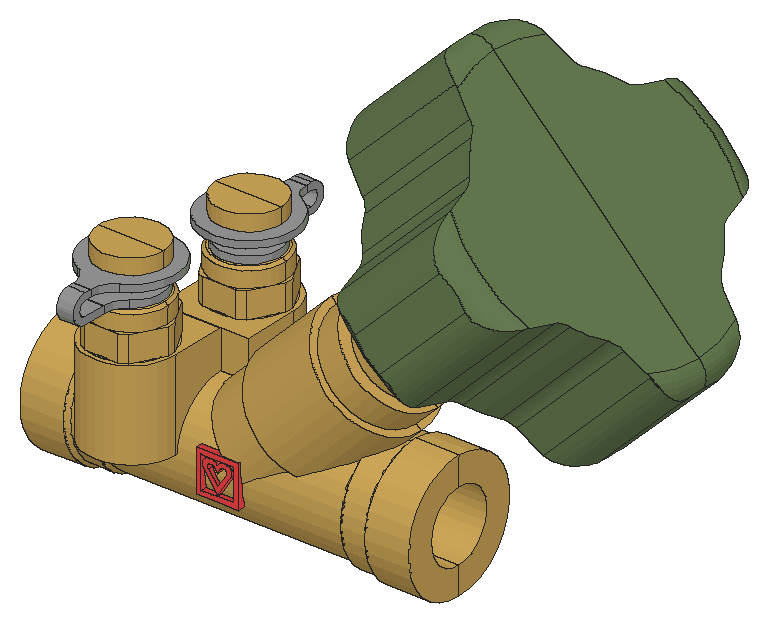
Revit family "Балансировочный клапан с диафрагмой для систем питьевого водоснабжения 4017 MW (LF-MF)", category Rohrzubehör, Revit 2020
Family settings
  Bemaßung runder Anschluss = Durchmesser verwenden
  Teiletyp = Unterbricht
  OmniClass-Nummer = 23.65.55.14
  OmniClass-Titel = Valves for Liquid Services
  Arbeitsebenenbasiert = Nein
  Immer vertikal = Ja
  Beim Laden mit Abzugskörper schneiden = Nein
  Gemeinsam genutzt = Nein
Parameters (values of type "MF")
  Среда = "Питьевая вода"  # constant formula
  Примечание = "В соответствии со статьей 33 Регламента REACH (Registration; Evaluation; Authorisation; Restriction of Chemicals) (EC № 1907/2006) мы обязаны указать, что свинец внесен в список SVHC (Substances of Very High Concern - вещества очень высокой важности) и весовой процент свинца во всех латунных компонентах заводского изготовления в наших изделиях, превышает 0,1 % (w/w) (CAS: 7439-92-1 / EINECS: 231-100-4).\r\nПоскольку свинец является легирующим компонентом сплава, прямое негативное влияние исключается, и поэтому дополнительной информации о безопасном использовании не требуется."
  Область применения = "Для перекрытия трубопроводов и регулирования систем питьевого водоснабжения в зданиях или для гидравлической балансировки водоподающих трубопроводов."
  Номер заказа [instance] = if(and(Nennweite = 15.000 mm, LF), 2401700, if(and(Nennweite = 15.000 mm, MF), 2401709, 0))  # 2401709
  Маховик = "пластик, цвет - зеленый"  # constant formula
  Корпус = "латунь, устойчивая к селективной цинковой коррозии"  # constant formula
  Исполнение = "В соответствии с нормами BS 7350 PN20, серия В, балансировочный клапан с наклонным шпинделем производится из медных сплавов.\r\nВсе металлические части, контактирующие с водой, изготовлены из латуни, устойчивой к селективной цинковой коррозии.\r\nКран-букса - с неподнимающимся шпинделем."
  kvs-значения [instance] = if(and(Nennweite = 15.000 mm, LF), 0.46, if(and(Nennweite = 15.000 mm, MF), 0.88, 0))  # 0.88
  kv-значения диафрагмы [instance] = if(and(Nennweite = 15.000 mm, LF), 0.48, if(and(Nennweite = 15.000 mm, MF), 0.97, 0))  # 0.97
  W01 = 45.00°  # constant formula
  Vorgabe-Ansicht = 0.000 mm
  URL = "www.herz-armaturen.ru"
  SW01 = 60.00°  # constant formula
  SCRNSEQ = "FW;SBT_TYP_FW=\"109\";2"
  SCRNCODE = "04;00;02"  # constant formula
  S03 = 60.000 mm  # constant formula
  S02 [instance] = L04 + L06 + L07  # 76.800 mm
  S01 [instance] = D01 * 2  # 27.000 mm
  R03 = 21.500 mm  # constant formula
  R02 = 9.500 mm  # constant formula
  R01 = 12.000 mm  # constant formula
  O-Ring = "EPDM"  # constant formula
  MF = yes
  LF = no
  L10 [instance] = 28.500 mm  # constant formula
  L09 [instance] = 22.500 mm  # constant formula
  L08 [instance] = 12.700 mm  # constant formula
  L07 [instance] = 35.100 mm  # constant formula
  L06 [instance] = 6.500 mm  # constant formula
  L05 [instance] = 20.200 mm  # constant formula
  L04 [instance] = 35.200 mm  # constant formula
  L03 [instance] = 1.000 mm  # constant formula
  H03 [instance] = H01 - 19.000 mm  # 1.000 mm
  H02 = 13.000 mm  # constant formula
  E01 [instance] = L00 / -2  # -41.500 mm
  E00 = 0.000 mm  # constant formula
  D09 [instance] = 11.750 mm  # constant formula
  D08 [instance] = 9.500 mm  # constant formula
  D07 [instance] = 12.000 mm  # constant formula
  D06 [instance] = 13.500 mm  # constant formula
  D05 [instance] = 12.500 mm  # constant formula
  D04 [instance] = Nennweite / 2  # 7.500 mm
  IG [instance] = Nennweite / 2  # 7.500 mm
  D03 [instance] = 11.900 mm  # constant formula
  D02 [instance] = 12.700 mm  # constant formula
  D01 [instance] = 13.500 mm  # constant formula
  Nennweite [instance] = 15.000 mm  # constant formula
  Макс. перепад давления на закрытом седле = 1000000.0 Pa  # constant formula
  Макс. рабочая температура при 10 бар = 85 °C  # constant formula
  Макс. рабочее давление при 20 °C = 2000000.0 Pa  # constant formula
  L02 [instance] = 5.000 mm  # constant formula
  L01 [instance] = 9.250 mm  # constant formula
  L00 [instance] = 83.000 mm  # constant formula
  Hersteller = "HERZ Armaturen Ges.m.b.H."  # constant formula
  H01 [instance] = 20.000 mm  # constant formula
  GT [instance] = 13.200 mm  # constant formula
  DN15 [instance] = Nennweite = 15.000 mm  # yes
Types (3, lengths in mm): name | Номер заказа | kvs-значения | kv-значения диафрагмы | MF | LF
  (no name) | 2401709 | 0.88 | 0.97 | yes | no
  LF | 2401700 | 0.46 | 0.48 | no | yes
  MF | 2401709 | 0.88 | 0.97 | yes | no
Reference planes
  plane 1 "Mitte (Vorne/hinten)": y = 0
  plane 2: z = 0
  plane 3 "Mitte (Links/rechts)": x = 0
Forms (mm)
  Revolve 1, solid, material "Messing, weicher Gelbton, geschweißt", detail levels fine
    sketch origin (470, 0, 0) x (1, 0, 0) y (0, 0, 1)
      loop
        line (-511.5, 7.5) -> (-498.3, 7.5) -> (-498.3, 0) -> (-441.7, 0) -> (-441.7, 7.5) -> (-428.5, 7.5) -> (-428.5, 13.5) -> (-437.75, 13.5) -> (-438.55, 12.7) -> (-443.55, 12.7) -> (-444.35, 11.9) -> (-495.65, 11.9) -> (-496.45, 12.7) -> (-501.45, 12.7) -> (-502.25, 13.5) -> (-511.5, 13.5) -> (-511.5, 7.5)
      axis (-511.5, 0) -> (-428.5, 0)
    angle from 0 to 360
  Revolve 2, solid, material "Messing, weicher Gelbton, geschweißt", detail levels fine
    sketch origin (0.32, 0, -0.105) x (1, 0, 0) y (0, 0, 1)
      loop
        line (-1.32, 0.105) -> (52.986, 54.411) -> (44.677, 62.719) -> (35.697, 53.739) -> (37.288, 52.148) -> (21.449, 36.309) -> (19.681, 38.076) -> (15.085, 33.48) -> (14.024, 34.541) -> (-0.259, 20.257) -> (0.448, 19.55) -> (-7.098, 12.005) -> (-6.623, 5.408) -> (-1.32, 0.105)
      axis (-1.32, 0.105) -> (52.986, 54.411)
    angle from 0 to 360
  Extrusion 3, solid, material "Messing, weicher Gelbton, geschweißt", detail levels fine
    sketch origin (0, 0, 0) x (1, 0, 0) y (0, 1, 0)
      loop
        arc (-28.5, -12) -> (-19, -21.5) -> (-9.5, -12) r 9.5
        line (-9.5, -12) -> (-9.5, 0) -> (-28.5, 0) -> (-28.5, -12)
    from 1 <- "H03" to 20 <- "H01"
  Extrusion 4, solid, material "Messing, weicher Gelbton, geschweißt", detail levels fine
    sketch origin (0, 0, 0) x (1, 0, 0) y (0, 1, 0)
      loop
        line (-22.5, 12) -> (-22.5, 0) -> (-3.5, 0) -> (-3.5, 12)
        arc (-3.5, 12) -> (-13, 21.5) -> (-22.5, 12) r 9.5
    from 0 to 20 <- "H01"
Lines and regions (mm)
  model lines, detail levels coarse+medium
    curve 1: line (-41.5, 0, 13.5) -> (-41.5, 0, -13.5)
    curve 2: line (-41.5, 0, -13.5) -> (41.5, 0, 13.5)
    curve 3: line (41.5, 0, 13.5) -> (41.5, 0, -13.5)
    curve 4: line (41.5, 0, -13.5) -> (-41.5, 0, 13.5)
    curve 5: line (0, 0, 0) -> (38.4, 0, 66.511)
    curve 6: line (12.419, 0, 81.511) -> (64.381, 0, 51.511)
    curve 7: line (-41.5, -13.5, 0) -> (-41.5, 13.5, 0)
    curve 8: line (-41.5, 13.5, 0) -> (41.5, -13.5, 0)
    curve 9: line (41.5, -13.5, 0) -> (41.5, 13.5, 0)
    curve 10: line (41.5, 13.5, 0) -> (-41.5, -13.5, 0)
    curve 11: line (0, 0, 0) -> (38.4, 66.511, 0)
    curve 12: line (12.419, 81.511, 0) -> (64.381, 51.511, 0)
Dimensions and locks
  "L00": Revolve 1 sketch curve to Revolve 1 sketch curve
  equal spacing: Revolve 1 sketch curve, plane 3 "Mitte (Links/rechts)", Revolve 1 sketch curve
  "D01": Revolve 1 sketch curve to Revolve 1 sketch curve  (x2)
  "GT": Revolve 1 sketch curve to Revolve 1 sketch curve  (x2)
  "D06": Revolve 2 sketch curve to Revolve 2 sketch curve
  "D07": Revolve 2 sketch curve to Revolve 2 sketch curve
  "D08": Revolve 2 sketch curve to Revolve 2 sketch curve
  "D09": Revolve 2 sketch curve to Revolve 2 sketch curve
  equal spacing: curve 1, plane 3 "Mitte (Links/rechts)", curve 3
  "L00": curve 1 to curve 3
  equal spacing: curve 4, plane 2, curve 2
  "S01": curve 4 to curve 1
  "S01": curve 3 to curve 4
  equal spacing: curve 3, plane 2, curve 4
  "S02": curve 5 to curve 5
  equal spacing: curve 6, curve 5, curve 6
  "S03": curve 6 to curve 6
  equal spacing: curve 7, plane 3 "Mitte (Links/rechts)", curve 9
  "L00": curve 7 to curve 9
  equal spacing: curve 10, plane 1 "Mitte (Vorne/hinten)", curve 8
  "S01": curve 8 to curve 10
  equal spacing: curve 9, plane 1 "Mitte (Vorne/hinten)", curve 10
  "S01": curve 10 to curve 9
  "S02": curve 11 to curve 11
  equal spacing: curve 12, curve 11, curve 12
  "S03": curve 12 to curve 12
  "L01": Revolve 1 sketch curve to Revolve 1 sketch curve  (x2)
  "D02": Revolve 1 sketch curve to plane 2  (x2)
  "D03": Revolve 1 sketch curve to plane 2
  "IG": Revolve 1 sketch curve to plane 2  (x2)
  "L02": Revolve 1 sketch curve to Revolve 1 sketch curve  (x2)
  "L04": Revolve 2 sketch curve to Revolve 2 sketch curve
  "L05": Revolve 2 sketch curve to Revolve 2 sketch curve
  "D03": Revolve 2 sketch curve to plane 2
  "L06": Revolve 2 sketch curve to Revolve 2 sketch curve
  "L08": Revolve 2 sketch curve to Revolve 2 sketch curve
  "L07": Revolve 2 sketch curve to Revolve 2 sketch curve
  "D04": Revolve 2 sketch curve to Revolve 2 sketch curve
  "D05": Revolve 2 sketch curve to Revolve 2 sketch curve
  "L03": plane 3 "Mitte (Links/rechts)" to Revolve 2 sketch curve  (x2)
  "D03": nested 1 to plane 1 "Mitte (Vorne/hinten)"
  "L09": Revolve 1 to Extrusion 3 sketch curve
  "R01": Extrusion 3 sketch curve to plane 1 "Mitte (Vorne/hinten)"
  "R01": plane 1 "Mitte (Vorne/hinten)" to Extrusion 4 sketch curve
  "L10": Revolve 1 to Extrusion 4 sketch curve
  "H01": nested 3 to plane 2
  "H01": nested 2 to plane 2
  "R01": nested 3 to plane 1 "Mitte (Vorne/hinten)"
  "R01": plane 1 "Mitte (Vorne/hinten)" to nested 2
  "L10": Revolve 1 to nested 2
  "L09": Revolve 1 to nested 3
  "R02": radius of Extrusion 3 sketch curve
  "R02": radius of Extrusion 4 sketch curve
  "W01": angle level to Revolve 2 sketch curve
  "SW01": angle plane 2 to curve 5
  "SW01": angle plane 1 "Mitte (Vorne/hinten)" to curve 11
  "W01": angle Revolve 1 sketch curve to Revolve 1 sketch curve  (x4)
  "W01": angle plane 2 to Revolve 2 sketch curve
  aligned and locked: level to plane 2
Automatic sketch dimensions
  curve 5 to level = 0.000 mm
  plane 1 "Mitte (Vorne/hinten)" to curve 11 = 0.000 mm
  Revolve 1 sketch curve to level = 0.000 mm  (x2)
  Revolve 1 sketch curve to Revolve 1 sketch curve = 791.990 mm
  Revolve 1 sketch curve to Revolve 1 sketch curve = 2278.983 mm
  Revolve 2 sketch curve to level = 0.000 mm  (x2)
  plane 1 "Mitte (Vorne/hinten)" to Extrusion 3 sketch curve = 0.000 mm
  plane 1 "Mitte (Vorne/hinten)" to Extrusion 4 sketch curve = 0.000 mm
Nested families
  nested 1: "Herz-Logo-vorne" at (0, -11.9, 0) x (0, 1, 0) z (0, 0, 1), type "Herz-Logo-vorne", detail levels fine
  nested 2: "Messstutzen_Band_Austritt_senkrecht_(oben)" at (-13, 12, 2.5), type "Messstutzen_Band_Austritt_senkrecht_(oben)"
    with Schutzkappe yes, Nennweite 0.000 mm, Gewicht 0.00 kg, Bestellnummer 0
  nested 3: "Messstutzen_Band_Eintritt_senkrecht_(oben)" at (-19, -12, 2.5) x (-1, 0, 0) z (0, 0, 1), type "Messstutzen_Band_Eintritt_senkrecht_(oben)"
    with Schutzkappe yes, Nennweite 0.000 mm, Gewicht 0.00 kg, Bestellnummer 0
  nested 4: "Strangregulierventil-Handrad (Grün) DN15-DN32" at (53.306, 0, 54.306), visible <- "DN15", type "Strangregulierventil-Handrad (Grün) DN15-DN32"
    with Nennweite 0.000 mm, Gewicht 0.00 kg, Bestellnummer 0
Connectors
  piping at (-28.3, 0, 0), diameter 15, driven by "Nennweite"
    settings: on Revolve 1, index 1, connector inside diameter 609.6 mm, connector length 0.000 mm, flow factor 0, pipe flow 0.0 L/s, pressure drop 0.0 Pa, fitting loss kfactor 0, connector angle 0.00°, fixture units 0, engagement length 0.000 mm, angle of deflection 0.00°, flow configuration 0, flow direction 1, fitting loss method 0, system type 29, joint type 0, gender type 0, connector reference index -1, connector utility 0, adjustable connector no, is connector primary yes, connector description ""
  piping at (28.3, 0, 0), diameter 15, driven by "Nennweite"
    settings: on Revolve 1, index 2, connector inside diameter 609.6 mm, connector length 0.000 mm, flow factor 0, pipe flow 0.0 L/s, pressure drop 0.0 Pa, fitting loss kfactor 0, connector angle 0.00°, fixture units 0, engagement length 0.000 mm, angle of deflection 0.00°, flow configuration 0, flow direction 2, fitting loss method 0, system type 29, joint type 0, gender type 0, connector reference index -1, connector utility 0, adjustable connector no, is connector primary no, connector description ""
Definition of nested family "Herz-Logo-vorne"
  Parameters (values of type "Herz-Logo-vorne")
    Default Elevation = 0.000 mm
  Reference planes
    plane 1 "Mitte (Vorne/hinten)": y = 0
    plane 2: z = 0
    plane 3 "Mitte (Links/rechts)": x = 0
  Forms (mm)
    Extrusion 1, solid
      sketch origin (0.732, -0.018, 0.017) x (0, -1, 0) y (0, 0, 1)
        loop
          line (-0.018, -4.517) -> (4.482, -4.517) -> (4.482, 4.483) -> (-4.518, 4.483) -> (-4.518, -4.517) -> (-0.018, -4.517)
        loop
          line (-0.05, -3.48) -> (3.482, -3.48) -> (3.482, 3.483) -> (-3.518, 3.483) -> (-3.518, -3.48) -> (-0.05, -3.48)
        loop
          arc (-0.018, 2.383) -> (-1.543, 3.287) -> (-3.067, 2.383) r 1.738
          arc (-3.067, 2.383) -> (-3.191, 1.899) -> (-3.067, 1.415) r 1.009
          line (-3.067, 1.415) -> (-0.018, -3.281) -> (3.032, 1.415)
          arc (3.032, 1.415) -> (3.156, 1.899) -> (3.032, 2.383) r 1.009
          arc (3.032, 2.383) -> (1.507, 3.287) -> (-0.018, 2.383) r 1.738
        loop
          arc (1.885, 1.272) -> (2.005, 1.675) -> (1.885, 2.079) r 0.74
          arc (1.885, 2.079) -> (1.265, 2.416) -> (0.644, 2.079) r 0.74
          line (0.644, 2.079) -> (-0.018, 0.97) -> (-0.679, 2.079)
          arc (-0.679, 2.079) -> (-1.3, 2.416) -> (-1.921, 2.079) r 0.74
          arc (-1.921, 2.079) -> (-2.04, 1.675) -> (-1.921, 1.272) r 0.74
          line (-1.921, 1.272) -> (-0.018, -1.658) -> (1.885, 1.272)
      from 0 to 1.5
  Dimensions and locks
    aligned and locked: level to plane 2
Definition of nested family "Messstutzen_Band_Austritt_senkrecht_(oben)"
  Parameters (values of type "Messstutzen_Band_Austritt_senkrecht_(oben)")
    Default Elevation = 0.000 mm
    URL = "www.herz-armaturen.at"
    Schutzkappe [instance] = yes
    Nennweite [instance] = 0.000 mm
    Manufacturer = "Herz Armaturen GmbH"  # constant formula
    Gewicht [instance] = 0.00 kg
    Bestellnummer [instance] = 0
  Reference planes
    plane 1 "Mitte (Vorne/hinten)": y = 0
    plane 2: z = 0
    plane 3 "Mitte (Links/rechts)": x = 0
    plane 4 "Schlaufe 1": z = -27
    plane 5 "Schlaufe 2": z = -31.678
  Forms (mm)
    Revolve 1, solid, detail levels fine
      sketch origin (0, 0, 0) x (1, 0, 0) y (0, 0, 1)
        loop
          line (-7.4, 9) -> (-5.55, 9) -> (-5.55, 6)
          arc (-5.55, 6) -> (-5.626, 5.617) -> (-5.843, 5.293) r 1
          line (-5.843, 5.293) -> (-6.455, 4.681) -> (-6.455, 0.9) -> (-5.555, 0) -> (-2, 0) -> (-2, 17.5) -> (-8.4, 17.5)
          arc (-8.4, 17.5) -> (-7.693, 17.207) -> (-7.4, 16.5) r 1
          line (-7.4, 16.5) -> (-7.4, 9)
        loop
          line (-3.7, 27) -> (-7.3, 27) -> (-7.9, 26.4) -> (-7.9, 23) -> (-2, 23) -> (-2, 35.8) -> (-3.805, 35.8) -> (-4.415, 35.19) -> (-4.415, 30.863) -> (-3.7, 30.45) -> (-3.7, 27)
        axis (0, 0) -> (0, 35.8)
      angle from 0 to 360
    Extrusion 2, solid, detail levels fine
      sketch origin (0, 0, 17.5) x (0, 1, 0) y (-1, 0, 0)
        loop
          arc (-7.07, 5.156) -> (-7.578, 4.375) -> (-8, 3.544) r 8.75
          line (-8, 3.544) -> (-8, -3.544)
          arc (-8, -3.544) -> (-7.578, -4.375) -> (-7.07, -5.156) r 8.75
          line (-7.07, -5.156) -> (-0.93, -8.7)
          arc (-0.93, -8.7) -> (0, -8.75) -> (0.93, -8.7) r 8.75
          line (0.93, -8.7) -> (7.07, -5.156)
          arc (7.07, -5.156) -> (7.578, -4.375) -> (8, -3.544) r 8.75
          line (8, -3.544) -> (8, 3.544)
          arc (8, 3.544) -> (7.578, 4.375) -> (7.07, 5.156) r 8.75
          line (7.07, 5.156) -> (0.93, 8.7)
          arc (0.93, 8.7) -> (0, 8.75) -> (-0.93, 8.7) r 8.75
          line (-0.93, 8.7) -> (-7.07, 5.156)
      from 0 to 5.5
    Revolve 3, solid, visible <- "Schutzkappe", detail levels fine
      sketch origin (0, 0, 0) x (1, 0, 0) y (0, 0, 1)
        loop
          line (0, 35.878) -> (0, 36.678) -> (-7, 36.678) -> (-7, 33.378) -> (-6.1, 33.378) -> (-6.1, 31.678) -> (-6.9, 31.678) -> (-6.9, 30.178) -> (-4.415, 30.178) -> (-4.415, 35.268) -> (-3.805, 35.878) -> (0, 35.878)
        axis (0, 30.178) -> (0, 36.678)
      angle from 0 to 360
    Extrusion 4, solid, detail levels fine
      sketch origin (0, 0, 28.5) x (1, 0, 0) y (0, 1, 0)
        loop
          circle (0, 0) r 3.7
        loop
          arc (-3.906, 5.505) -> (0, -6.75) -> (3.906, 5.505) r 6.75
          arc (3.906, 5.505) -> (2.358, 7.288) -> (1.8, 9.582) r 5
          line (1.8, 9.582) -> (-1.8, 9.582)
          arc (-1.8, 9.582) -> (-2.358, 7.288) -> (-3.906, 5.505) r 5
      from 0 to -1.5
    Extrusion 5, solid, detail levels fine
      sketch origin (0, 0, 33.178) x (1, 0, 0) y (0, 1, 0)
        loop
          circle (0, 0) r 6.1
        loop
          arc (-4.495, 8.652) -> (0, -9.75) -> (4.495, 8.652) r 9.75
          arc (4.495, 8.652) -> (2.527, 10.493) -> (1.8, 13.089) r 5
          line (1.8, 13.089) -> (-1.8, 13.089)
          arc (-1.8, 13.089) -> (-2.527, 10.493) -> (-4.495, 8.652) r 5
      from 0 to -1.5
    Sweep 6, solid, detail levels fine
      path origin (0, 0, 0) x (0, 0, -1) y (0, -1, 0)
        loop
          line (-27.75, -9.582) -> (-27.75, -14.522)
          arc (-27.75, -14.522) -> (-30.089, -16.862) -> (-32.428, -14.522) r 2.339
          line (-32.428, -14.522) -> (-32.428, -13.089)
      profile origin (0, 12.052, 27.75) x (0, 0, 1) y (1, 0, 0)
        loop
          line (-0.75, -1.8) -> (0.75, -1.8) -> (0.75, 1.8) -> (-0.75, 1.8) -> (-0.75, -1.8)
  Dimensions and locks
    aligned and locked: level to plane 2
Definition of nested family "Messstutzen_Band_Eintritt_senkrecht_(oben)"
  Parameters (values of type "Messstutzen_Band_Eintritt_senkrecht_(oben)")
    Default Elevation = 0.000 mm
    URL = "www.herz-armaturen.at"
    Schutzkappe [instance] = yes
    Nennweite [instance] = 0.000 mm
    Manufacturer = "Herz Armaturen GmbH"  # constant formula
    Gewicht [instance] = 0.00 kg
    Bestellnummer [instance] = 0
  Reference planes
    plane 1 "Mitte (Vorne/hinten)": y = 0
    plane 2: z = 0
    plane 3 "Mitte (Links/rechts)": x = 0
    plane 4 "Schlaufe 1": z = -27
    plane 5 "Schlaufe 2": z = -31.678
  Forms (mm)
    Revolve 1, solid, detail levels fine
      sketch origin (0, 0, 0) x (1, 0, 0) y (0, 0, 1)
        loop
          line (-7.4, 9) -> (-5.55, 9) -> (-5.55, 6)
          arc (-5.55, 6) -> (-5.626, 5.617) -> (-5.843, 5.293) r 1
          line (-5.843, 5.293) -> (-6.455, 4.681) -> (-6.455, 0.9) -> (-5.555, 0) -> (-2, 0) -> (-2, 17.5) -> (-8.4, 17.5)
          arc (-8.4, 17.5) -> (-7.693, 17.207) -> (-7.4, 16.5) r 1
          line (-7.4, 16.5) -> (-7.4, 9)
        loop
          line (-3.7, 27) -> (-7.3, 27) -> (-7.9, 26.4) -> (-7.9, 23) -> (-2, 23) -> (-2, 35.8) -> (-3.805, 35.8) -> (-4.415, 35.19) -> (-4.415, 30.863) -> (-3.7, 30.45) -> (-3.7, 27)
        axis (0, 0) -> (0, 35.8)
      angle from 0 to 360
    Extrusion 2, solid, detail levels fine
      sketch origin (0, 0, 17.5) x (0, 1, 0) y (-1, 0, 0)
        loop
          arc (-7.07, 5.156) -> (-7.578, 4.375) -> (-8, 3.544) r 8.75
          line (-8, 3.544) -> (-8, -3.544)
          arc (-8, -3.544) -> (-7.578, -4.375) -> (-7.07, -5.156) r 8.75
          line (-7.07, -5.156) -> (-0.93, -8.7)
          arc (-0.93, -8.7) -> (0, -8.75) -> (0.93, -8.7) r 8.75
          line (0.93, -8.7) -> (7.07, -5.156)
          arc (7.07, -5.156) -> (7.578, -4.375) -> (8, -3.544) r 8.75
          line (8, -3.544) -> (8, 3.544)
          arc (8, 3.544) -> (7.578, 4.375) -> (7.07, 5.156) r 8.75
          line (7.07, 5.156) -> (0.93, 8.7)
          arc (0.93, 8.7) -> (0, 8.75) -> (-0.93, 8.7) r 8.75
          line (-0.93, 8.7) -> (-7.07, 5.156)
      from 0 to 5.5
    Revolve 3, solid, visible <- "Schutzkappe", detail levels fine
      sketch origin (0, 0, 0) x (1, 0, 0) y (0, 0, 1)
        loop
          line (0, 35.878) -> (0, 36.678) -> (-7, 36.678) -> (-7, 33.378) -> (-6.1, 33.378) -> (-6.1, 31.678) -> (-6.9, 31.678) -> (-6.9, 30.178) -> (-4.415, 30.178) -> (-4.415, 35.268) -> (-3.805, 35.878) -> (0, 35.878)
        axis (0, 30.178) -> (0, 36.678)
      angle from 0 to 360
    Extrusion 4, solid, detail levels fine
      sketch origin (0, 0, 28.5) x (1, 0, 0) y (0, 1, 0)
        loop
          circle (0, 0) r 3.7
        loop
          arc (-3.906, 5.505) -> (0, -6.75) -> (3.906, 5.505) r 6.75
          arc (3.906, 5.505) -> (2.358, 7.288) -> (1.8, 9.582) r 5
          line (1.8, 9.582) -> (-1.8, 9.582)
          arc (-1.8, 9.582) -> (-2.358, 7.288) -> (-3.906, 5.505) r 5
      from 0 to -1.5
    Extrusion 5, solid, detail levels fine
      sketch origin (0, 0, 33.178) x (1, 0, 0) y (0, 1, 0)
        loop
          circle (0, 0) r 6.1
        loop
          arc (-4.495, 8.652) -> (0, -9.75) -> (4.495, 8.652) r 9.75
          arc (4.495, 8.652) -> (2.527, 10.493) -> (1.8, 13.089) r 5
          line (1.8, 13.089) -> (-1.8, 13.089)
          arc (-1.8, 13.089) -> (-2.527, 10.493) -> (-4.495, 8.652) r 5
      from 0 to -1.5
    Sweep 6, solid, detail levels fine
      path origin (0, 0, 0) x (0, 0, -1) y (0, -1, 0)
        loop
          line (-27.75, -9.582) -> (-27.75, -14.522)
          arc (-27.75, -14.522) -> (-30.089, -16.862) -> (-32.428, -14.522) r 2.339
          line (-32.428, -14.522) -> (-32.428, -13.089)
      profile origin (0, 12.052, 27.75) x (0, 0, 1) y (1, 0, 0)
        loop
          line (-0.75, -1.8) -> (0.75, -1.8) -> (0.75, 1.8) -> (-0.75, 1.8) -> (-0.75, -1.8)
  Dimensions and locks
    aligned and locked: level to plane 2
Definition of nested family "Strangregulierventil-Handrad (Grün) DN15-DN32"
  Parameters (values of type "Strangregulierventil-Handrad (Grün) DN15-DN32")
    Default Elevation = 0.000 mm
    URL = "www.herz-armaturen.at"
    Nennweite [instance] = 0.000 mm
    Manufacturer = "Herz Armaturen GmbH"  # constant formula
    Gewicht [instance] = 0.00 kg
    Bestellnummer [instance] = 0
  Reference planes
    plane 1 "Mitte (Vorne/hinten)": y = 0
    plane 2: z = 0
    plane 3 "Mitte (Links/rechts)": x = 0
  Forms (mm)
    Revolve 1, solid, detail levels fine
      sketch origin (0, 0, 0) x (0.707107, 0, -0.707107) y (0.707107, 0, 0.707107)
        loop
          line (0, 0) -> (0, 24.95) -> (-30.992, 24.95)
          arc (-30.992, 24.95) -> (-34.37, 23.636) -> (-35.973, 20.386) r 5
          line (-35.973, 20.386) -> (-37, 8.65) -> (-35.986, -2.936)
          arc (-35.986, -2.936) -> (-34.383, -6.186) -> (-31.005, -7.5) r 5
          line (-31.005, -7.5) -> (-15, -7.5) -> (-15, 0) -> (0, 0)
        axis (0, 24.95) -> (0, -7.5)
      angle from 0 to 360
    Extrusion 2, void
      sketch origin (14.354, 0, 14.354) x (0.707107, 0, -0.707107) y (0, 1, 0)
        loop
          line (3.861, 35.5) -> (-3.861, 35.5)
          arc (-3.861, 35.5) -> (-8.731, 33.847) -> (-11.589, 29.571) r 8
          line (-11.589, 29.571) -> (-13.284, 23.245)
          arc (-13.284, 23.245) -> (-13.982, 21.722) -> (-15.144, 20.516) r 5
          arc (-15.144, 20.516) -> (-18.031, 18.031) -> (-20.516, 15.144) r 25.5
          arc (-20.516, 15.144) -> (-21.722, 13.982) -> (-23.245, 13.284) r 5
          line (-23.245, 13.284) -> (-29.571, 11.589)
          arc (-29.571, 11.589) -> (-33.847, 8.731) -> (-35.5, 3.861) r 8
          line (-35.5, 3.861) -> (-35.5, -3.861)
          arc (-35.5, -3.861) -> (-33.847, -8.731) -> (-29.571, -11.589) r 8
          line (-29.571, -11.589) -> (-23.245, -13.284)
          arc (-23.245, -13.284) -> (-21.722, -13.982) -> (-20.516, -15.144) r 5
          arc (-20.516, -15.144) -> (-18.031, -18.031) -> (-15.144, -20.516) r 25.5
          arc (-15.144, -20.516) -> (-13.982, -21.722) -> (-13.284, -23.245) r 5
          line (-13.284, -23.245) -> (-11.589, -29.571)
          arc (-11.589, -29.571) -> (-8.731, -33.847) -> (-3.861, -35.5) r 8
          line (-3.861, -35.5) -> (3.861, -35.5)
          arc (3.861, -35.5) -> (8.731, -33.847) -> (11.589, -29.571) r 8
          line (11.589, -29.571) -> (13.284, -23.245)
          arc (13.284, -23.245) -> (13.982, -21.722) -> (15.144, -20.516) r 5
          arc (15.144, -20.516) -> (18.031, -18.031) -> (20.516, -15.144) r 25.5
          arc (20.516, -15.144) -> (21.722, -13.982) -> (23.245, -13.284) r 5
          line (23.245, -13.284) -> (29.571, -11.589)
          arc (29.571, -11.589) -> (33.847, -8.731) -> (35.5, -3.861) r 8
          line (35.5, -3.861) -> (35.5, 3.861)
          arc (35.5, 3.861) -> (33.847, 8.731) -> (29.571, 11.589) r 8
          line (29.571, 11.589) -> (23.245, 13.284)
          arc (23.245, 13.284) -> (21.722, 13.982) -> (20.516, 15.144) r 5
          arc (20.516, 15.144) -> (18.031, 18.031) -> (15.144, 20.516) r 25.5
          arc (15.144, 20.516) -> (13.982, 21.722) -> (13.284, 23.245) r 5
          line (13.284, 23.245) -> (11.589, 29.571)
          arc (11.589, 29.571) -> (8.731, 33.847) -> (3.861, 35.5) r 8
        loop
          circle (0, 0) r 38
      from -31.266 to 7.923
  Cuts and joins
    Extrusion 2 cuts Revolve 1
  Dimensions and locks
    Revolve 1 sketch curve to Revolve 1 sketch curve = 15.000 mm
    Revolve 1 sketch curve to Revolve 1 sketch curve = 16.150 mm
    Revolve 1 sketch curve to Revolve 1 sketch curve = 16.300 mm
    angle Revolve 1 sketch curve to Revolve 1 sketch curve = 95.00°
    aligned and locked: level to plane 2
